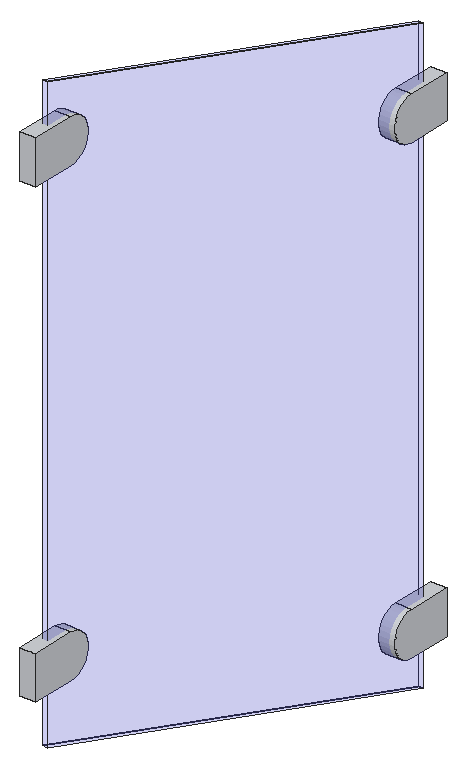
Revit family
Parameters (values of type "600mm(25mm 간격)")
  built-in parameter 1008623 [instance] = (empty or 0)
  두께 [instance] = 6 mm
  built-in parameter 1008625 [instance] = 18.00°
  Post = no
  패널 재료 = 유리
  폭 [instance] = 600 mm
  패널 간격 = 25 mm
  브래킷 간격띄우기 = 100 mm
  브래킷 재료 = none
  built-in parameter 1008624 [instance] = (empty or 0)
  built-in parameter 1008622 [instance] = 750 mm
Types (3, lengths in mm): name | 폭
  (no name) | 600
  600mm(25mm 간격) | 600
  450mm(25mm 간격) | 450
Reference planes
  plane 1 "중심(앞/뒤)": y = 0
  plane 2: z = 0
  plane 3 "중심(왼쪽/오른쪽)": x = 3.175
  plane 4 "상단": z = 750
  plane 5 "경사 각도(상단)": through (0, 220.419, 678.381) normal (0, -0.309, -0.9511)
  plane 6 "경사 각도(하단)": through (0, 0, 0) normal (0, -0.309, -0.9511)
  plane 7 "앞면": y = 300
  plane 8 "뒤로": y = -300
  plane 9: x = 0.175
  plane 10: x = 6.175
  plane 11: x = -6.175
  plane 12: x = 12.525
Forms (mm)
  Extrusion 1, solid, material "유리" <- "패널 재료"
    sketch origin (3.175, 0, 0) x (0, 1, 0) y (0, 0, 1)
      loop
        line (275, -63.066) -> (275, 634.361) -> (-275, 813.066) -> (-275, 115.639) -> (275, -63.066)
    from -3 to 3
  Extrusion 2, solid, material <- "브래킷 재료"
    sketch origin (3.175, 0, 0) x (0, 1, 0) y (0, 0, 1)
      loop
        line (300, 33.07) -> (249.2, 33.07)
        arc (249.2, 33.07) -> (223.8, 7.67) -> (249.2, -17.73) r 25.4
        line (249.2, -17.73) -> (300, -17.73) -> (300, 33.07)
    from -9.35 to 9.35
  Extrusion 3, solid, material <- "브래킷 재료"
    sketch origin (3.175, 0, 0) x (0, 1, 0) y (0, 0, 1)
      loop
        line (-300, 228.022) -> (-300, 177.222) -> (-249.2, 177.222)
        arc (-249.2, 177.222) -> (-223.8, 202.622) -> (-249.2, 228.022) r 25.4
        line (-249.2, 228.022) -> (-300, 228.022)
    from -9.35 to 9.35
  Extrusion 4, solid, material <- "브래킷 재료"
    sketch origin (3.175, 0, 0) x (0, 1, 0) y (0, 0, 1)
      loop
        line (300, 572.778) -> (249.2, 572.778)
        arc (249.2, 572.778) -> (223.8, 547.378) -> (249.2, 521.978) r 25.4
        line (249.2, 521.978) -> (300, 521.978) -> (300, 572.778)
    from -9.35 to 9.35
  Extrusion 5, solid, material <- "브래킷 재료"
    sketch origin (3.175, 0, 0) x (0, 1, 0) y (0, 0, 1)
      loop
        line (-300, 767.73) -> (-300, 716.93) -> (-249.2, 716.93)
        arc (-249.2, 716.93) -> (-223.8, 742.33) -> (-249.2, 767.73) r 25.4
        line (-249.2, 767.73) -> (-300, 767.73)
    from -9.35 to 9.35
Lines and regions (mm)
  model lines, style "InvisibleLines"
    curve 1: line (3.175, 300, 626.238) -> (3.175, -300, 821.189)
    curve 2: line (3.175, 300, -71.189) -> (3.175, -300, 123.762)
    curve 3: line (3.175, 275, -89.353) -> (3.175, 275, 660.647)
    curve 4: line (3.175, -275, 89.353) -> (3.175, -275, 839.353)
  symbolic lines, style "InvisibleLines"
    curve 5: line (0, 300, 7.67) -> (0, -300, 202.622)
    curve 6: line (0, 300, 547.378) -> (0, -300, 742.33)
Text (mm)
  text "난간동자 패널 입면도" at (0, 1279.138, 1234.25), in view "왼쪽"
Dimensions and locks
  "built-in parameter 1008622": plane 2 to plane 4 "상단"
  "폭": plane 8 "뒤로" to plane 7 "앞면"
  equal spacing: plane 8 "뒤로", plane 1 "중심(앞/뒤)", plane 7 "앞면"
  "두께": plane 9 to plane 10
  equal spacing: plane 9, plane 3 "중심(왼쪽/오른쪽)", plane 10
  "패널 간격": curve 1 to plane 5 "경사 각도(상단)"  (x2)
  "패널 간격": plane 6 "경사 각도(하단)" to curve 2  (x2)
  "패널 간격": plane 7 "앞면" to curve 3  (x2)
  "패널 간격": curve 4 to plane 8 "뒤로"  (x2)
  "브래킷 간격띄우기": plane 6 "경사 각도(하단)" to curve 5  (x2)
  locked: curve 5 to Extrusion 2 sketch curve at 25.4
  locked: Extrusion 2 sketch curve to curve 5 at 25.4
  locked: plane 11 to plane 9 at 6.35
  locked: plane 10 to plane 12 at 6.35
  locked: Extrusion 3 sketch curve to curve 5 at 25.4
  locked: curve 5 to Extrusion 3 sketch curve at 25.4
  "브래킷 간격띄우기": curve 6 to plane 5 "경사 각도(상단)"  (x2)
  locked: curve 6 to Extrusion 4 sketch curve at 25.4
  locked: Extrusion 4 sketch curve to curve 6 at 25.4
  locked: Extrusion 5 sketch curve to curve 6 at 25.4
  locked: curve 6 to Extrusion 5 sketch curve at 25.4
  "built-in parameter 1008625": angle plane 4 "상단" to plane 5 "경사 각도(상단)"
  "built-in parameter 1008625": angle level to plane 6 "경사 각도(하단)"
  aligned and locked: plane 9 to Extrusion 1
  aligned and locked: Extrusion 1 to plane 10
  aligned and locked: plane 8 "뒤로" to curve 2
  aligned and locked: plane 7 "앞면" to curve 2
  aligned and locked: plane 5 "경사 각도(상단)" to curve 4
  aligned and locked: plane 6 "경사 각도(하단)" to curve 4
  aligned and locked: plane 5 "경사 각도(상단)" to curve 3
  aligned and locked: plane 6 "경사 각도(하단)" to curve 3
  aligned and locked: curve 1 to Extrusion 1 sketch curve
  aligned and locked: Extrusion 1 sketch curve to curve 2
  aligned and locked: Extrusion 1 sketch curve to curve 4
  aligned and locked: curve 3 to Extrusion 1 sketch curve
  aligned and locked: plane 8 "뒤로" to curve 5
  aligned and locked: plane 7 "앞면" to Extrusion 2 sketch curve
  aligned and locked: plane 11 to Extrusion 2
  aligned and locked: Extrusion 2 to plane 12
  aligned and locked: Extrusion 3 to plane 12
  aligned and locked: plane 11 to Extrusion 3
  aligned and locked: plane 8 "뒤로" to curve 6
  aligned and locked: plane 7 "앞면" to curve 6
  aligned and locked: Extrusion 4 sketch curve to plane 7 "앞면"
  aligned and locked: plane 11 to Extrusion 5
  aligned and locked: Extrusion 5 to plane 12
  aligned and locked: plane 11 to Extrusion 4
  aligned and locked: Extrusion 4 to plane 12
Automatic sketch dimensions
  plane 7 "앞면" to Extrusion 2 sketch curve = 50.8 mm
  Extrusion 3 sketch curve to plane 8 "뒤로" = 0 mm
  Extrusion 3 sketch curve to Extrusion 3 sketch curve = 50.8 mm
  curve 5 to plane 7 "앞면" = 0 mm
  curve 1 to plane 7 "앞면" = 0 mm
  curve 1 to plane 8 "뒤로" = 0 mm
  plane 7 "앞면" to Extrusion 4 sketch curve = 50.8 mm
  Extrusion 5 sketch curve to plane 8 "뒤로" = 0 mm
  Extrusion 5 sketch curve to Extrusion 5 sketch curve = 50.8 mm
